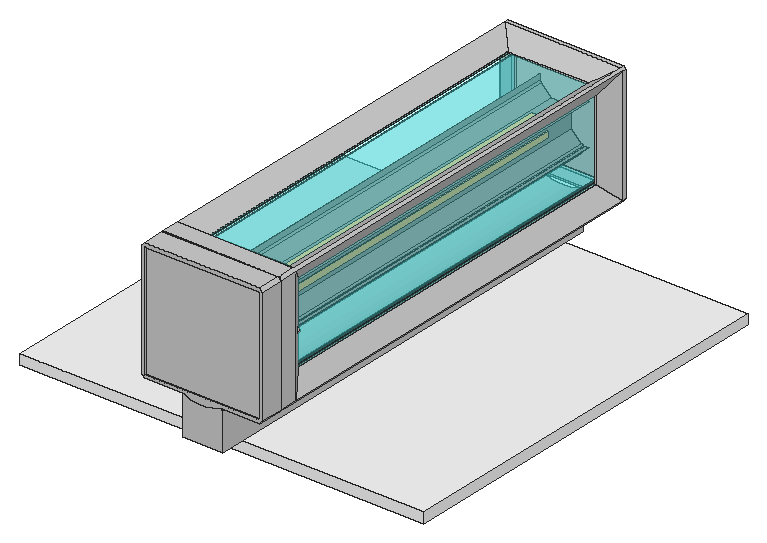
Revit family "BE_24504_de_DE", category Leuchten, Revit 2015
Parameters (values of type "BEGA_24504_Silber_K4")
  built-in parameter 1150104 = 14.251 (stored number, unit not read)
  Wattage = 8.7 W
  Default Elevation = 0 mm
  built-in parameter 1150113 = 1 (stored number, unit not read)
  built-in parameter 1114218 = 1 (stored number, unit not read)
  Umgebungstemperatur = "25 °C"
  URL = "http://www.bega.de/produkt/24504"
  Typenkommentare = "© 2017 BEGA. Wir behalten uns das Recht vor, technische Änderungen ohne vorherige Ankündigung vorzunehmen."  # constant formula
  Type Image = 24504.png
  built-in parameter 1150134 = 12
  built-in parameter 1150109 = 1 (stored number, unit not read)
  Strom = ""
  built-in parameter 1150110 = 1 (stored number, unit not read)
  Spannung = 239.996 V
  Sonderanfertigung = no
  Seriennummer [instance] = "Hier können Sie die eindeutige Seriennummer für das Facility Management eintragen."
  Schutzklasse = "I"
  Schutzart = "IP 65"
  Scheinlast = 0 VA
  Produktdatenblatt = "http://www.bega.de/download/Xrfa/db/24504.db.de.pdf"
  Oberflächentemperatur = ""
  Neigungswinkel = 0.00°
  Modell = "24504AK4"
  Material_17 = BEGA_Reflektor
  Material_15 = BEGA_Leuchtmedium_matt
  Material_12 = BEGA_Kunststoff_klar
  Material_11 = BEGA_Glas_opal
  Material_09 = BEGA_Glas_klar
  Material_06 = BEGA_Oberfläche_Edelstahl_gebürstet
  Material_05 = BEGA_Aluminium Guss
  Material_03 = BEGA_Oberfläche_Weiss_matt
  Material_02 = BEGA_Oberfläche_Silber_matt
  Material_01 [instance] = BEGA_Oberfläche_Grafit_matt
  M_W = no
  M_G = no
  M_A = yes
  Logo = 0
  built-in parameter 1114217 = 1 (stored number, unit not read)
  built-in parameter 1150139 = (empty or 0)
  built-in parameter 1150105 = 106.2 (stored number, unit not read)
  built-in parameter 1150114 = 1 (stored number, unit not read)
  Lumens = 1334.58 lm
  built-in parameter 1150115 = 1 (stored number, unit not read)
  Leuchtenlichtstrom = "841 lm"
  Leuchtenanzahl = ""
  Lebensdauerkriterien = "L70B50 @ 25 °C = 100000 h"
  Lastklassifizierung = Beleuchtung
  built-in parameter 1150112 = 1 (stored number, unit not read)
  Lampenlichtstrom = "1335 lm"
  Lampe = "LED 8.7 W"
  LED_Modulbezeichnung = "3x LED-0613/840"
  built-in parameter 1150142 = (empty or 0)
  Hersteller = "BEGA"  # constant formula
  Halbstreuwinkel = ""
  Gewicht = "3.5 kg"
  Gebrauchslageneinschränkung [instance] = ""
  Frequenz = "0/50-60 Hz"
  Farbwiedergabeindex = "Ra > 80"
  Farbtemperaturverschiebung bei Dämpfen der Lampe = <Keine Auswahl>
  Farbtemperatur = "4000 K"
  Color Filter = 16777215
  built-in parameter 1150133 = 10 (stored number, unit not read)
  Energieeffizienzklasse = "LED A++ - A"
  built-in parameter 1150137 = (empty or 0)
  built-in parameter 1150132 = (empty or 0)
  ENEC = ""
  Dimmbar [instance] = ""
  Datei für fotometrisches Netz = "BE_24504K4.IES"
  CE_Konformität = "ja"
  Bestellnummer = "24504AK4"
  Beschreibung_Sonderanfertigung = "Hier können Sie Informationen zur Sonderanfertigung eintragen."
  Beschreibung = "Wandleuchte"
  built-in parameter 1150106 = 1.062 (stored number, unit not read)
  Befestigungsbohrung = "Ø 6 mm"
  Befestigungsabstand = "260 mm"
  Ballwurfsicher = ""
  BEGA_Intern_aus = yes
  BEGA_Intern_an = yes
  BEGA_Intern_Konstruktion = yes
  BEGA_Intern = yes
  BEGA_IES = yes
  BEGA_Dummy = no
  Anschlussleitung = ""
  Anschlussleistung [instance] = "11.5 W"
  Anschlusskasten = ""
  built-in parameter 1150107 = 4000 (stored number, unit not read)
  built-in parameter 1150102 = (empty or 0)
  built-in parameter 1150138 = (empty or 0)
  Aktualisierung = "2017-06-26T04:08:37"
  Abstand_zur_angestrahlten_Fläche [instance] = ""
  AC/DC = "AC/DC"
Types (4, lengths in mm): name | built-in parameter 1150104 | Wattage | built-in parameter 1150134 | Modell | M_G | M_A | built-in parameter 1150105 | Lumens | Leuchtenlichtstrom | Lampenlichtstrom | LED_Modulbezeichnung | Farbtemperatur | Datei für fotometrisches Netz | Bestellnummer | built-in parameter 1150106 | built-in parameter 1150107
  BEGA_24504_Silber_K4 | 14.251 (stored number, unit not read) | 8.7 W | 12 | "24504AK4" | no | yes | 106.2 (stored number, unit not read) | 1334.58 lm | "841 lm" | "1335 lm" | "3x LED-0613/840" | "4000 K" | "BE_24504K4.IES" | "24504AK4" | 1.062 (stored number, unit not read) | 4000 (stored number, unit not read)
  BEGA_24504_Silber_K3 | 12.979 (stored number, unit not read) | 8 W | (empty or 0) | "24504A" | no | yes | 88.936 (stored number, unit not read) | 1117.6 lm | "766 lm" | "1215 lm" | "3x LED-0613/830" | "3000 K" | "BE_24504.IES" | "24504A" | 0.88936 (stored number, unit not read) | 3000 (stored number, unit not read)
  BEGA_24504_Grafit_K3 | 12.979 (stored number, unit not read) | 8.7 W | (empty or 0) | "24504" | yes | no | 96.718 (stored number, unit not read) | 1215.39 lm | "766 lm" | "1215 lm" | "3x LED-0613/830" | "3000 K" | "BE_24504.IES" | "24504" | 0.96718 (stored number, unit not read) | 3000 (stored number, unit not read)
  BEGA_24504_Grafit_K4 | 14.251 (stored number, unit not read) | 8.7 W | 12 | "24504K4" | yes | no | 106.2 (stored number, unit not read) | 1334.58 lm | "841 lm" | "1335 lm" | "3x LED-0613/840" | "4000 K" | "BE_24504K4.IES" | "24504K4" | 1.062 (stored number, unit not read) | 4000 (stored number, unit not read)
Reference planes
  plane 1 "Mitte (Vorne/Hinten)": y = 0
  plane 2: z = 0
  plane 3 "Mitte (Links/Rechts)": x = 0
  plane 4 "Links": x = -60.188
  plane 5 "Rechts": x = 60.188
  plane 6 "Unten": y = -224.5
  plane 7 "Oben": y = 224.5
  plane 8 "Vorne": z = 159.489
  plane 9 "Hinten": z = 0
Forms (mm)
  Extrusion 1, solid, material "BEGA_Platte_Weiss"
    sketch origin (0, -1119.2, 0) x (1, 0, 0) y (0, 1, 0)
      loop
        line (-200, 1319.2) -> (-200, 919.2) -> (200, 919.2) -> (200, 1319.2) -> (-200, 1319.2)
    from 0 to -10
  Extrusion 2, solid, material "BEGA_Dummy_matt", visible <- "BEGA_Dummy"
    sketch origin (80.095, -76.023, 0) x (1, 0, 0) y (0, 1, 0)
      loop
        line (-140.283, 300.523) -> (-140.283, -148.477) -> (-19.908, -148.477) -> (-19.908, 300.523) -> (-140.283, 300.523)
    from 0 to 159.489
Dimensions and locks
  plane 1 "Mitte (Vorne/Hinten)" to Extrusion 1 = 200 mm
  aligned and locked: plane 2 to Extrusion 1
  aligned and locked: level to Extrusion 1
  aligned and locked: Extrusion 2 to nested 1
Nested families
  nested 1: "BE_24504" at (0, 0, 0) x (0, -1, 0) z (0, 0, 1), type "BE_24504"
Connectors
  electrical at (0, 0, 0), driven by "Lastklassifizierung", driven by "Spannung", driven by "Scheinlast"
    settings: index 1, voltage 239.996 V, apparent load 0 VA, apparent load phase1 0 VA, apparent load phase2 0 VA, apparent load phase3 0 VA, power factor 1, load classification "Beleuchtung", number of poles 1, system type 31, power factor state 1, is connector primary yes, connector utility no, sub classification motor no, connector description ""
Definition of nested family "BE_24504"
  Parameters (values of type "BE_24504")
    Default Elevation = 1 mm
    URL = "http://www.bega.de/de/produkt"
    Type Comments = "© 2015 BEGA. Wir behalten uns das Recht vor, technische Änderungen ohne vorherige Ankündigung vorzunehmen. "  # constant formula
    Type Image = (empty or 0)
    Neigungswinkel_um_Z2 = 0.00°
    Neigungswinkel_um_Z1 = 0.00°
    Neigungswinkel_um_Y2 = 0.00°
    Neigungswinkel_um_Y1 = 0.00°
    Neigungswinkel_um_X2 = 0.00°
    Neigungswinkel_um_X1 = 0.00°
    Material_17 = none
    Material_15 = none
    Material_12 = none
    Material_11 = none
    Material_09 = none
    Material_06 = none
    Material_05 = none
    Material_02 = none
    Material_01 = none
    M_W = yes
    M_G = yes
    M_A = yes
    Länge_Platte = 600 mm  # constant formula
    Höhe_Platte = -10 mm  # constant formula
    Manufacturer = "BEGA"  # constant formula
    Drehwinkel_um_Z2 = 0.00°
    Drehwinkel_um_Z1 = 0.00°
    Breite_Platte = 200 mm  # constant formula
  Reference planes
    plane 1 "Mitte (Oben/Unten)": y = 0
    plane 2: z = 0
    plane 3 "Mitte (Links/Rechts)": x = 0
    plane 4 "Unten": y = -60.188
    plane 5: x = -224.5
    plane 6: x = 224.5
    plane 7: z = 159.489
    plane 8: y = 60.188
  Forms (mm)
    Extrusion 1, solid, detail levels medium
      sketch origin (0, 0, 0) x (1, 0, 0) y (0, 1, 0)
        loop
          line (-300, 100) -> (-300, -100) -> (300, -100) -> (300, 100) -> (-300, 100)
      from 0 to -10 <- "Höhe_Platte"
    Sweep 2, solid, material <- "Material_01", visible <- "M_G", detail levels medium+fine
      path origin (0, 0, 0) x (0, 1, 0) y (0, 0, 1)
        loop
          line (60.156, 159.489) -> (-60.188, 159.489) -> (-60.188, 39.113) -> (60.188, 39.113) -> (60.156, 159.489)
      profile origin (0, -0.016, 159.489) x (0, 0, -1) y (1, 0, 0)
        loop
          line (0.278, -221.046) -> (0.278, -224.5) -> (13.709, -224.5) -> (13.709, -203.302) -> (12.518, -203.302) -> (0.278, -221.046)
    Extrusion 3, solid, material <- "Material_01", visible <- "M_G", detail levels medium+fine
      sketch origin (0, 0, 0) x (1, 0, 0) y (0, 0, 1)
        loop
          line (-224.5, 145.78) -> (-224.5, 52.822) -> (-221.046, 52.822) -> (-221.046, 145.78) -> (-224.5, 145.78)
      from -46.915 to 46.915
    Extrusion 4, solid, material <- "Material_01", visible <- "M_G", detail levels medium+fine
      sketch origin (0, 0, 0) x (0, 1, 0) y (0, 0, 1)
        loop
          line (-18.15, 39.381) -> (-19.981, 37.55) -> (-19.981, 0) -> (-17.481, 0) -> (-17.481, 32) -> (17.568, 32) -> (17.568, 0) -> (20.019, 0) -> (20.019, 37.55) -> (18.176, 39.394)
          arc (18.176, 39.394) -> (0.014, 35.001) -> (-18.15, 39.381) r 39.8
      from -221 to 224
    Extrusion 5, solid, material <- "Material_01", visible <- "M_G", detail levels medium+fine
      sketch origin (0, 0, 0) x (0, 1, 0) y (0, 0, 1)
        loop
          line (20.019, 0) -> (20.019, 37.55) -> (18.176, 39.394)
          arc (18.176, 39.394) -> (0.014, 35.001) -> (-18.15, 39.381) r 39.8
          line (-18.15, 39.381) -> (-19.981, 37.55) -> (-19.981, 0) -> (20.019, 0)
      from 221 to 224
    Extrusion 6, solid, material <- "Material_01", visible <- "M_G", detail levels medium+fine
      sketch origin (-442, 0, 0) x (0, 1, 0) y (0, 0, 1)
        loop
          line (20.019, 0) -> (20.019, 37.55) -> (18.176, 39.394)
          arc (18.176, 39.394) -> (0.014, 35.001) -> (-18.15, 39.381) r 39.8
          line (-18.15, 39.381) -> (-19.981, 37.55) -> (-19.981, 0) -> (20.019, 0)
      from 221 to 224
    Extrusion 7, solid, material <- "Material_01", visible <- "M_G", detail levels medium+fine
      sketch origin (221, 0, 0) x (0, -1, 0) y (0, 0, -1)
        loop
          line (-18.15, -39.381) -> (18.15, -39.381)
          arc (18.15, -39.381) -> (0, -35.001) -> (-18.15, -39.381) r 39.8
      from 0 to 3.5
    Sweep 8, solid, material <- "Material_01", visible <- "M_G", detail levels medium+fine
      path origin (0, 0, 0) x (0, 1, 0) y (0, 0, 1)
        loop
          line (59.878, 159.211) -> (-59.91, 159.211) -> (-59.91, 39.392) -> (59.91, 39.392) -> (59.878, 159.211)
      profile origin (0, -0.016, 159.211) x (0, 0, -1) y (1, 0, 0)
        loop
          line (-0.278, 224.5) -> (-0.278, 203) -> (2.41, 203) -> (2.41, 201.5) -> (-0.248, 201.5) -> (-0.248, 183.724) -> (12.24, 165.887) -> (13.24, 165.887) -> (13.24, 183.724) -> (3.124, 183.724) -> (3.124, 224.5) -> (-0.278, 224.5)
    Extrusion 9, solid, material <- "Material_01", visible <- "M_G", detail levels medium+fine
      sketch origin (0, 0, 0) x (1, 0, 0) y (0, 0, 1)
        loop
          line (220.5, 156.801) -> (220.5, 41.801) -> (223.5, 41.801) -> (223.5, 156.801) -> (220.5, 156.801)
      from -57.485 to 58.687
    Extrusion 10, solid, material <- "Material_01", visible <- "M_G", detail levels medium+fine
      sketch origin (0, 0, 0) x (0, 1, 0) y (0, 0, 1)
        loop
          line (57.37, 159.211) -> (39.845, 146.971) -> (39.845, 146.187) -> (46.86, 146.187) -> (46.86, 139.174) -> (47.644, 139.174) -> (59.879, 156.702) -> (59.879, 159.211) -> (57.37, 159.211)
        loop
          line (-57.37, 159.211) -> (-59.879, 159.211) -> (-59.879, 156.702) -> (-47.644, 139.174) -> (-46.86, 139.174) -> (-46.86, 146.187) -> (-39.845, 146.187) -> (-39.845, 146.971) -> (-57.37, 159.211)
        loop
          line (57.37, 39.392) -> (59.879, 39.392) -> (59.879, 41.9) -> (47.644, 59.428) -> (46.86, 59.428) -> (46.86, 52.415) -> (39.845, 52.415) -> (39.845, 51.631) -> (57.37, 39.392)
        loop
          line (-57.37, 39.392) -> (-39.845, 51.631) -> (-39.845, 52.415) -> (-46.86, 52.415) -> (-46.86, 59.428) -> (-47.644, 59.428) -> (-59.879, 41.9) -> (-59.879, 39.392) -> (-57.37, 39.392)
      from -224.5 to 198.19
    Extrusion 11, void
      sketch origin (0, 0, 0) x (0, 1, 0) y (0, 0, 1)
        loop
          line (60.529, 156.046) -> (60.529, 159.752) -> (56.823, 159.752) -> (60.529, 156.046)
        loop
          line (-60.529, 156.046) -> (-56.823, 159.752) -> (-60.529, 159.752) -> (-60.529, 156.046)
        loop
          line (60.529, 42.556) -> (56.823, 38.85) -> (60.529, 38.85) -> (60.529, 42.556)
        loop
          line (-60.529, 42.556) -> (-60.529, 38.85) -> (-56.823, 38.85) -> (-60.529, 42.556)
      from -230.772 to 230.042
    Extrusion 12, solid, material <- "Material_01", visible <- "M_G", detail levels medium+fine
      sketch origin (0, 0, 0) x (1, 0, 0) y (0, 1, 0)
        loop
          line (-140.8, 17.568) -> (-140.8, -17.481) -> (-106.8, -17.481) -> (-106.8, 17.568) -> (-140.8, 17.568)
        loop
          arc (-122.41, -3) -> (-112.3, 0) -> (-122.41, 3) r 5.5
          line (-122.41, 3) -> (-131.8, 3)
          arc (-131.8, 3) -> (-134.8, 0) -> (-131.8, -3) r 3
          line (-131.8, -3) -> (-122.41, -3)
        loop
          line (140.8, 17.568) -> (106.8, 17.568) -> (106.8, -17.481) -> (140.8, -17.481) -> (140.8, 17.568)
        loop
          arc (124.69, -3) -> (134.8, 0) -> (124.69, 3) r 5.5
          line (124.69, 3) -> (115.3, 3)
          arc (115.3, 3) -> (112.3, 0) -> (115.3, -3) r 3
          line (115.3, -3) -> (124.69, -3)
      from 0.19 to 3
    Revolve 13, void
      sketch origin (0, 0, 0) x (1, 0, 0) y (0, 0, 1)
        loop
          line (196.5, 49.352) -> (196.5, 28.319) -> (201.5, 28.319) -> (201.5, 49.352) -> (196.5, 49.352)
        axis (201.5, 49.352) -> (201.5, 28.319)
      angle from 0 to 360
    Extrusion 14, solid, material <- "Material_12", detail levels medium+fine
      sketch origin (0, 0, 0) x (0, 1, 0) y (0, 0, 1)
        loop
          line (40, 144.301) -> (-40, 144.301)
          arc (-40, 144.301) -> (-43.536, 142.837) -> (-45, 139.301) r 5
          line (-45, 139.301) -> (-45, 59.301)
          arc (-45, 59.301) -> (-43.536, 55.765) -> (-40, 54.301) r 5
          line (-40, 54.301) -> (40, 54.301)
          arc (40, 54.301) -> (43.536, 55.765) -> (45, 59.301) r 5
          line (45, 59.301) -> (45, 139.301)
          arc (45, 139.301) -> (43.536, 142.837) -> (40, 144.301) r 5
        loop
          line (40, 141.301) -> (-40, 141.301)
          arc (-40, 141.301) -> (-41.414, 140.715) -> (-42, 139.301) r 2
          line (-42, 139.301) -> (-42, 59.301)
          arc (-42, 59.301) -> (-41.414, 57.887) -> (-40, 57.301) r 2
          line (-40, 57.301) -> (40, 57.301)
          arc (40, 57.301) -> (41.414, 57.887) -> (42, 59.301) r 2
          line (42, 59.301) -> (42, 139.301)
          arc (42, 139.301) -> (41.414, 140.715) -> (40, 141.301) r 2
      from -215.013 to 184.666
    Extrusion 15, solid, material <- "Material_15", detail levels medium+fine
      sketch origin (0, 0, 0) x (1, 0, 0) y (0, 0, 1)
        loop
          line (-186.365, 111.851) -> (139.623, 111.851) -> (139.623, 112.826) -> (-186.365, 112.826) -> (-186.365, 111.851)
      from 2.75 to -2.75
    Extrusion 16, solid, material <- "Material_15", detail levels medium+fine
      sketch origin (0, -99.301, 99.301) x (1, 0, 0) y (0, 1, 0)
        loop
          line (-186.365, 111.851) -> (139.623, 111.851) -> (139.623, 112.826) -> (-186.365, 112.826) -> (-186.365, 111.851)
      from 2.75 to -2.75
    Extrusion 17, solid, material <- "Material_15", detail levels medium+fine
      sketch origin (0, 99.301, 99.301) x (1, 0, 0) y (0, 1, 0)
        loop
          line (-186.365, -111.851) -> (-186.365, -112.826) -> (139.623, -112.826) -> (139.623, -111.851) -> (-186.365, -111.851)
      from 2.75 to -2.75
    Extrusion 18, solid, material <- "Material_05", detail levels medium+fine
      sketch origin (0, 0, 0) x (0, 1, 0) y (0, 0, 1)
        loop
          line (9.5, 110.301) -> (-9.5, 110.301) -> (-19.228, 120.029)
          arc (-19.228, 120.029) -> (-19.878, 121.002) -> (-20.107, 122.15) r 3
          line (-20.107, 122.15) -> (-20.107, 127.79)
          arc (-20.107, 127.79) -> (-21.129, 126.703) -> (-21.5, 125.257) r 3
          line (-21.5, 125.257) -> (-21.5, 123.801)
          arc (-21.5, 123.801) -> (-22.379, 121.68) -> (-24.5, 120.801) r 3
          line (-24.5, 120.801) -> (-25.956, 120.801)
          arc (-25.956, 120.801) -> (-27.402, 120.43) -> (-28.489, 119.408) r 3
          line (-28.489, 119.408) -> (-22.849, 119.408)
          arc (-22.849, 119.408) -> (-21.696, 119.177) -> (-20.721, 118.522) r 3
          line (-20.721, 118.522) -> (-11, 108.801) -> (-11, 89.801) -> (-20.721, 80.08)
          arc (-20.721, 80.08) -> (-21.696, 79.425) -> (-22.849, 79.194) r 3
          line (-22.849, 79.194) -> (-28.489, 79.194)
          arc (-28.489, 79.194) -> (-27.402, 78.172) -> (-25.956, 77.801) r 3
          line (-25.956, 77.801) -> (-24.5, 77.801)
          arc (-24.5, 77.801) -> (-22.379, 76.922) -> (-21.5, 74.801) r 3
          line (-21.5, 74.801) -> (-21.5, 73.345)
          arc (-21.5, 73.345) -> (-21.129, 71.899) -> (-20.107, 70.812) r 3
          line (-20.107, 70.812) -> (-20.107, 76.452)
          arc (-20.107, 76.452) -> (-19.878, 77.6) -> (-19.228, 78.573) r 3
          line (-19.228, 78.573) -> (-9.5, 88.301) -> (9.5, 88.301) -> (19.228, 78.573)
          arc (19.228, 78.573) -> (19.878, 77.6) -> (20.107, 76.452) r 3
          line (20.107, 76.452) -> (20.107, 70.812)
          arc (20.107, 70.812) -> (21.129, 71.899) -> (21.5, 73.345) r 3
          line (21.5, 73.345) -> (21.5, 74.801)
          arc (21.5, 74.801) -> (22.379, 76.922) -> (24.5, 77.801) r 3
          line (24.5, 77.801) -> (25.956, 77.801)
          arc (25.956, 77.801) -> (27.402, 78.172) -> (28.489, 79.194) r 3
          line (28.489, 79.194) -> (22.849, 79.194)
          arc (22.849, 79.194) -> (21.696, 79.425) -> (20.721, 80.08) r 3
          line (20.721, 80.08) -> (11, 89.801) -> (11, 108.801) -> (20.721, 118.522)
          arc (20.721, 118.522) -> (21.696, 119.177) -> (22.849, 119.408) r 3
          line (22.849, 119.408) -> (28.489, 119.408)
          arc (28.489, 119.408) -> (27.402, 120.43) -> (25.956, 120.801) r 3
          line (25.956, 120.801) -> (24.5, 120.801)
          arc (24.5, 120.801) -> (22.379, 121.68) -> (21.5, 123.801) r 3
          line (21.5, 123.801) -> (21.5, 125.257)
          arc (21.5, 125.257) -> (21.129, 126.703) -> (20.107, 127.79) r 3
          line (20.107, 127.79) -> (20.107, 122.15)
          arc (20.107, 122.15) -> (19.878, 121.002) -> (19.228, 120.029) r 3
          line (19.228, 120.029) -> (9.5, 110.301)
      from -218 to 185.411
    Extrusion 19, void
      sketch origin (0, 0, 0) x (0, 1, 0) y (0, 0, 1)
        loop
          line (53, 95.42) -> (56.64, 95.42) -> (56.64, 103.182) -> (53, 103.182)
          arc (53, 103.182) -> (48.915, 99.301) -> (53, 95.42) r 3.886
        loop
          arc (-53, 95.42) -> (-48.915, 99.301) -> (-53, 103.182) r 3.886
          line (-53, 103.182) -> (-56.64, 103.182) -> (-56.64, 95.42) -> (-53, 95.42)
      from 165.887 to 179.105
    Extrusion 20, solid, material <- "Material_06", detail levels fine
      sketch origin (0, 0, 0) x (0, 1, 0) y (0, 0, 1)
        loop
          circle (-53, 99.301) r 3.5
        loop
          circle (53, 99.301) r 3.5
      from 174.925 to 179.105
    Revolve 21, void
      sketch origin (0, 49.974, 0) x (1, 0, 0) y (0, 0, 1)
        loop
          line (-223.9, 52.001) -> (-224.91, 53.011) -> (-224.91, 49.301) -> (-222.323, 49.301) -> (-222.323, 52.001) -> (-223.9, 52.001)
        axis (-224.91, 49.301) -> (-222.323, 49.301)
      angle from 0 to 360
    Revolve 22, void
      sketch origin (0, -49.974, 0) x (1, 0, 0) y (0, 0, -1)
        loop
          line (-223.9, -52.001) -> (-222.323, -52.001) -> (-222.323, -49.301) -> (-224.91, -49.301) -> (-224.91, -53.011) -> (-223.9, -52.001)
        axis (-224.91, -49.301) -> (-222.323, -49.301)
      angle from 0 to 360
    Revolve 23, void
      sketch origin (0, 49.974, 198.602) x (1, 0, 0) y (0, 0, 1)
        loop
          line (-223.9, -52.001) -> (-222.323, -52.001) -> (-222.323, -49.301) -> (-224.91, -49.301) -> (-224.91, -53.011) -> (-223.9, -52.001)
        axis (-224.91, -49.301) -> (-222.323, -49.301)
      angle from 0 to 360
    Revolve 24, void
      sketch origin (0, -49.974, 198.602) x (1, 0, 0) y (0, 0, -1)
        loop
          line (-223.9, 52.001) -> (-224.91, 53.011) -> (-224.91, 49.301) -> (-222.323, 49.301) -> (-222.323, 52.001) -> (-223.9, 52.001)
        axis (-224.91, 49.301) -> (-222.323, 49.301)
      angle from 0 to 360
    Revolve 25, solid, material <- "Material_06", detail levels fine
      sketch origin (0, 49.974, 0) x (1, 0, 0) y (0, 0, 1)
        loop
          line (-224.5, 52.401) -> (-224.5, 49.301) -> (-223.647, 49.301) -> (-223.647, 51.547) -> (-224.5, 52.401)
        axis (-224.5, 49.301) -> (-223.5, 49.301)
      angle from 0 to 360
    Revolve 26, solid, material <- "Material_06", detail levels fine
      sketch origin (0, -49.974, 0) x (1, 0, 0) y (0, 0, -1)
        loop
          line (-224.5, -52.401) -> (-223.647, -51.547) -> (-223.647, -49.301) -> (-224.5, -49.301) -> (-224.5, -52.401)
        axis (-224.5, -49.301) -> (-223.5, -49.301)
      angle from 0 to 360
    Revolve 27, solid, material <- "Material_06", detail levels fine
      sketch origin (0, 49.974, 198.602) x (1, 0, 0) y (0, 0, 1)
        loop
          line (-224.5, -52.401) -> (-223.647, -51.547) -> (-223.647, -49.301) -> (-224.5, -49.301) -> (-224.5, -52.401)
        axis (-224.5, -49.301) -> (-223.5, -49.301)
      angle from 0 to 360
    Revolve 28, solid, material <- "Material_06", detail levels fine
      sketch origin (0, -49.974, 198.602) x (1, 0, 0) y (0, 0, -1)
        loop
          line (-224.5, 52.401) -> (-224.5, 49.301) -> (-223.647, 49.301) -> (-223.647, 51.547) -> (-224.5, 52.401)
        axis (-224.5, 49.301) -> (-223.5, 49.301)
      angle from 0 to 360
    Extrusion 29, solid, material <- "Material_02", visible <- "M_A", detail levels medium+fine
      sketch origin (0, 0, 0) x (0, 1, 0) y (0, 0, 1)
        loop
          line (-18.15, 39.381) -> (-19.981, 37.55) -> (-19.981, 0) -> (-17.481, 0) -> (-17.481, 32) -> (17.568, 32) -> (17.568, 0) -> (20.019, 0) -> (20.019, 37.55) -> (18.176, 39.394)
          arc (18.176, 39.394) -> (0.014, 35.001) -> (-18.15, 39.381) r 39.8
      from -221 to 224
    Extrusion 30, solid, material <- "Material_02", visible <- "M_A", detail levels medium+fine
      sketch origin (0, 0, 0) x (0, 1, 0) y (0, 0, 1)
        loop
          line (20.019, 0) -> (20.019, 37.55) -> (18.176, 39.394)
          arc (18.176, 39.394) -> (0.014, 35.001) -> (-18.15, 39.381) r 39.8
          line (-18.15, 39.381) -> (-19.981, 37.55) -> (-19.981, 0) -> (20.019, 0)
      from 221 to 224
    Extrusion 31, solid, material <- "Material_02", visible <- "M_A", detail levels medium+fine
      sketch origin (-442, 0, 0) x (0, 1, 0) y (0, 0, 1)
        loop
          line (20.019, 0) -> (20.019, 37.55) -> (18.176, 39.394)
          arc (18.176, 39.394) -> (0.014, 35.001) -> (-18.15, 39.381) r 39.8
          line (-18.15, 39.381) -> (-19.981, 37.55) -> (-19.981, 0) -> (20.019, 0)
      from 221 to 224
    Extrusion 32, solid, material <- "Material_02", visible <- "M_A", detail levels medium+fine
      sketch origin (0, 0, 0) x (1, 0, 0) y (0, 1, 0)
        loop
          line (-140.8, 17.568) -> (-140.8, -17.481) -> (-106.8, -17.481) -> (-106.8, 17.568) -> (-140.8, 17.568)
        loop
          arc (-122.41, -3) -> (-112.3, 0) -> (-122.41, 3) r 5.5
          line (-122.41, 3) -> (-131.8, 3)
          arc (-131.8, 3) -> (-134.8, 0) -> (-131.8, -3) r 3
          line (-131.8, -3) -> (-122.41, -3)
        loop
          line (140.8, 17.568) -> (106.8, 17.568) -> (106.8, -17.481) -> (140.8, -17.481) -> (140.8, 17.568)
        loop
          arc (124.69, -3) -> (134.8, 0) -> (124.69, 3) r 5.5
          line (124.69, 3) -> (115.3, 3)
          arc (115.3, 3) -> (112.3, 0) -> (115.3, -3) r 3
          line (115.3, -3) -> (124.69, -3)
      from 0.19 to 3
    Sweep 33, solid, material <- "Material_02", visible <- "M_A", detail levels medium+fine
      path origin (0, 0, 0) x (0, 1, 0) y (0, 0, 1)
        loop
          line (60.156, 159.489) -> (-60.188, 159.489) -> (-60.188, 39.113) -> (60.188, 39.113) -> (60.156, 159.489)
      profile origin (0, -0.016, 159.489) x (0, 0, -1) y (1, 0, 0)
        loop
          line (0.278, -221.046) -> (0.278, -224.5) -> (13.709, -224.5) -> (13.709, -203.302) -> (12.518, -203.302) -> (0.278, -221.046)
    Sweep 34, solid, material <- "Material_02", visible <- "M_A", detail levels medium+fine
      path origin (0, 0, 0) x (0, 1, 0) y (0, 0, 1)
        loop
          line (59.878, 159.211) -> (-59.91, 159.211) -> (-59.91, 39.392) -> (59.91, 39.392) -> (59.878, 159.211)
      profile origin (0, -0.016, 159.211) x (0, 0, -1) y (1, 0, 0)
        loop
          line (-0.278, 224.5) -> (-0.278, 203) -> (2.41, 203) -> (2.41, 201.5) -> (-0.248, 201.5) -> (-0.248, 183.724) -> (12.24, 165.887) -> (13.24, 165.887) -> (13.24, 183.724) -> (3.124, 183.724) -> (3.124, 224.5) -> (-0.278, 224.5)
    Extrusion 35, solid, material <- "Material_02", visible <- "M_A", detail levels medium+fine
      sketch origin (0, 0, 0) x (1, 0, 0) y (0, 0, 1)
        loop
          line (220.5, 156.801) -> (220.5, 41.801) -> (223.5, 41.801) -> (223.5, 156.801) -> (220.5, 156.801)
      from -57.485 to 58.687
    Extrusion 36, solid, material <- "Material_02", visible <- "M_A", detail levels medium+fine
      sketch origin (0, 0, 0) x (0, 1, 0) y (0, 0, 1)
        loop
          line (57.37, 159.211) -> (39.845, 146.971) -> (39.845, 146.187) -> (46.86, 146.187) -> (46.86, 139.174) -> (47.644, 139.174) -> (59.879, 156.702) -> (59.879, 159.211) -> (57.37, 159.211)
        loop
          line (-57.37, 159.211) -> (-59.879, 159.211) -> (-59.879, 156.702) -> (-47.644, 139.174) -> (-46.86, 139.174) -> (-46.86, 146.187) -> (-39.845, 146.187) -> (-39.845, 146.971) -> (-57.37, 159.211)
        loop
          line (57.37, 39.392) -> (59.879, 39.392) -> (59.879, 41.9) -> (47.644, 59.428) -> (46.86, 59.428) -> (46.86, 52.415) -> (39.845, 52.415) -> (39.845, 51.631) -> (57.37, 39.392)
        loop
          line (-57.37, 39.392) -> (-39.845, 51.631) -> (-39.845, 52.415) -> (-46.86, 52.415) -> (-46.86, 59.428) -> (-47.644, 59.428) -> (-59.879, 41.9) -> (-59.879, 39.392) -> (-57.37, 39.392)
      from -224.5 to 198.19
    Extrusion 37, solid, material <- "Material_02", visible <- "M_A", detail levels medium+fine
      sketch origin (0, 0, 0) x (1, 0, 0) y (0, 0, 1)
        loop
          line (-224.5, 145.78) -> (-224.5, 52.822) -> (-221.046, 52.822) -> (-221.046, 145.78) -> (-224.5, 145.78)
      from -46.915 to 46.915
    Extrusion 38, solid, material <- "Material_02", visible <- "M_A", detail levels medium+fine
      sketch origin (221, 0, 0) x (0, -1, 0) y (0, 0, -1)
        loop
          line (-18.15, -39.381) -> (18.15, -39.381)
          arc (18.15, -39.381) -> (0, -35.001) -> (-18.15, -39.381) r 39.8
      from 0 to 3.5
  Cuts and joins
    Revolve 13 cuts Extrusion 4
    Revolve 13 cuts Extrusion 5
    Revolve 13 cuts Extrusion 6
    Revolve 13 cuts Extrusion 12
    joined: Extrusion 4, Extrusion 5, Extrusion 6, Extrusion 12
    Extrusion 11, Revolve 21, Revolve 22, Revolve 23, Revolve 24 cuts Sweep 2
    Extrusion 11, Revolve 21, Revolve 22, Revolve 23, Revolve 24 cuts Extrusion 3
    Revolve 21, Revolve 22, Revolve 23, Revolve 24 cuts Extrusion 7
    Extrusion 11, Extrusion 19, Revolve 21, Revolve 22, Revolve 23, Revolve 24 cuts Sweep 8
    Extrusion 11, Revolve 21, Revolve 22, Revolve 23, Revolve 24 cuts Extrusion 9
    Extrusion 11, Revolve 21, Revolve 22, Revolve 23, Revolve 24 cuts Extrusion 10
    joined: Sweep 2, Extrusion 3, Extrusion 7, Sweep 8, Extrusion 9, Extrusion 10
    Revolve 13 cuts Extrusion 29
    joined: Extrusion 29, Extrusion 30, Extrusion 31, Extrusion 32
    Extrusion 11, Revolve 21, Revolve 22, Revolve 23, Revolve 24 cuts Sweep 33
    Extrusion 11, Extrusion 19, Revolve 21, Revolve 22, Revolve 23, Revolve 24 cuts Sweep 34
    Extrusion 11, Revolve 21, Revolve 22, Revolve 23, Revolve 24 cuts Extrusion 35
    Extrusion 11, Revolve 21, Revolve 22, Revolve 23, Revolve 24 cuts Extrusion 36
    joined: Sweep 33, Sweep 34, Extrusion 35, Extrusion 36, Extrusion 37, Extrusion 38
  Lines and regions (mm)
    model lines
      curve 1: line (0, 46.86, 52.415) -> (0, 58.624, 40.651)
  Dimensions and locks
    equal spacing: Extrusion 1 sketch curve, plane 3 "Mitte (Links/Rechts)", Extrusion 1 sketch curve
    equal spacing: Extrusion 1 sketch curve, plane 1 "Mitte (Oben/Unten)", Extrusion 1 sketch curve
    "Länge_Platte": Extrusion 1 sketch curve to Extrusion 1 sketch curve
    "Breite_Platte": Extrusion 1 sketch curve to Extrusion 1 sketch curve
    aligned and locked: Extrusion 1 to plane 2
    aligned and locked: level to Extrusion 1
  Automatic sketch dimensions
    curve 1 to plane 1 "Mitte (Oben/Unten)" = 46.86 mm
    level to curve 1 = 40.651 mm
    curve 1 to curve 1 = 11.764 mm  (x2)
    plane 1 "Mitte (Oben/Unten)" to Sweep 2 sketch curve = 60.188 mm
    Sweep 2 sketch curve to plane 1 "Mitte (Oben/Unten)" = 60.156 mm
    Sweep 2 sketch curve to plane 1 "Mitte (Oben/Unten)" = 60.188 mm
    level to Sweep 2 sketch curve = 39.113 mm
    Sweep 2 sketch curve to profile plane = 0.278 mm
    Sweep 2 sketch curve to profile plane = 12.518 mm
    Sweep 2 sketch curve to Sweep 2 sketch curve = 1.191 mm
    Sweep 2 sketch curve to plane 3 "Mitte (Links/Rechts)" = 224.5 mm
    Sweep 2 sketch curve to Sweep 2 sketch curve = 3.454 mm
    Sweep 2 sketch curve to Sweep 2 sketch curve = 21.198 mm
    Extrusion 3 sketch curve to Extrusion 3 sketch curve = 3.454 mm
    level to Extrusion 3 sketch curve = 52.822 mm
    Extrusion 4 sketch curve to level = 0 mm  (x2)
    Extrusion 4 sketch curve to plane 1 "Mitte (Oben/Unten)" = 0 mm
    plane 1 "Mitte (Oben/Unten)" to Extrusion 4 sketch curve = 17.481 mm
    Extrusion 4 sketch curve to Extrusion 4 sketch curve = 0.669 mm
    Extrusion 4 sketch curve to Extrusion 4 sketch curve = 1.831 mm  (x2)
    Extrusion 4 sketch curve to plane 1 "Mitte (Oben/Unten)" = 17.568 mm
    Extrusion 4 sketch curve to Extrusion 4 sketch curve = 0.608 mm
    Extrusion 4 sketch curve to Extrusion 4 sketch curve = 1.843 mm
    level to Extrusion 4 sketch curve = 32 mm
    Extrusion 4 sketch curve to Extrusion 4 sketch curve = 5.55 mm  (x2)
    Extrusion 4 sketch curve to Extrusion 4 sketch curve = 1.844 mm
    Extrusion 5 sketch curve to level = 0 mm
    Extrusion 5 sketch curve to plane 1 "Mitte (Oben/Unten)" = 0 mm
    plane 1 "Mitte (Oben/Unten)" to Extrusion 5 sketch curve = 18.15 mm
    plane 1 "Mitte (Oben/Unten)" to Extrusion 5 sketch curve = 19.981 mm
    Extrusion 5 sketch curve to plane 1 "Mitte (Oben/Unten)" = 18.176 mm
    Extrusion 5 sketch curve to Extrusion 5 sketch curve = 1.843 mm
    level to Extrusion 5 sketch curve = 37.55 mm  (x2)
    Extrusion 5 sketch curve to Extrusion 5 sketch curve = 1.831 mm
    Extrusion 5 sketch curve to Extrusion 5 sketch curve = 1.844 mm
    Extrusion 6 sketch curve to level = 0 mm
    Extrusion 6 sketch curve to plane 1 "Mitte (Oben/Unten)" = 0 mm
    plane 1 "Mitte (Oben/Unten)" to Extrusion 6 sketch curve = 18.15 mm
    plane 1 "Mitte (Oben/Unten)" to Extrusion 6 sketch curve = 19.981 mm
    Extrusion 6 sketch curve to plane 1 "Mitte (Oben/Unten)" = 18.176 mm
    Extrusion 6 sketch curve to Extrusion 6 sketch curve = 1.843 mm
    level to Extrusion 6 sketch curve = 37.55 mm  (x2)
    Extrusion 6 sketch curve to Extrusion 6 sketch curve = 1.831 mm
    Extrusion 6 sketch curve to Extrusion 6 sketch curve = 1.844 mm
    Extrusion 7 sketch curve to plane 1 "Mitte (Oben/Unten)" = 0 mm
    Extrusion 7 sketch curve to plane 1 "Mitte (Oben/Unten)" = 18.15 mm
    level to Extrusion 7 sketch curve = 74.801 mm
    level to Extrusion 7 sketch curve = 39.381 mm
    plane 1 "Mitte (Oben/Unten)" to Sweep 8 sketch curve = 59.91 mm
    Sweep 8 sketch curve to plane 1 "Mitte (Oben/Unten)" = 59.878 mm
    Sweep 8 sketch curve to plane 1 "Mitte (Oben/Unten)" = 59.91 mm
    level to Sweep 8 sketch curve = 39.392 mm
    profile plane to Sweep 8 sketch curve = 0.278 mm
    profile plane to Sweep 8 sketch curve = 0.248 mm
    Sweep 8 sketch curve to profile plane = 2.41 mm
    Sweep 8 sketch curve to profile plane = 3.124 mm
    Sweep 8 sketch curve to profile plane = 12.24 mm
    Sweep 8 sketch curve to Sweep 8 sketch curve = 10.116 mm
    plane 3 "Mitte (Links/Rechts)" to Sweep 8 sketch curve = 165.887 mm
    Sweep 8 sketch curve to Sweep 8 sketch curve = 17.837 mm
    Sweep 8 sketch curve to Sweep 8 sketch curve = 0 mm
    Sweep 8 sketch curve to Sweep 8 sketch curve = 17.776 mm
    Sweep 8 sketch curve to Sweep 8 sketch curve = 1.5 mm
    Sweep 8 sketch curve to Sweep 8 sketch curve = 21.5 mm
    Extrusion 9 sketch curve to Extrusion 9 sketch curve = 3 mm
    level to Extrusion 9 sketch curve = 41.801 mm
    plane 1 "Mitte (Oben/Unten)" to Extrusion 10 sketch curve = 59.879 mm  (x2)
    Extrusion 10 sketch curve to Extrusion 10 sketch curve = 2.508 mm  (x4)
    Extrusion 10 sketch curve to Extrusion 10 sketch curve = 12.234 mm  (x2)
    Extrusion 10 sketch curve to Extrusion 10 sketch curve = 0.784 mm  (x8)
    Extrusion 10 sketch curve to Extrusion 10 sketch curve = 7.015 mm  (x4)
    Extrusion 10 sketch curve to plane 1 "Mitte (Oben/Unten)" = 39.845 mm  (x2)
    Extrusion 10 sketch curve to Extrusion 10 sketch curve = 10.51 mm  (x2)
    level to Extrusion 10 sketch curve = 39.392 mm  (x2)
    Extrusion 10 sketch curve to Extrusion 10 sketch curve = 2.509 mm  (x4)
    Extrusion 10 sketch curve to Extrusion 10 sketch curve = 12.24 mm  (x2)
    Extrusion 10 sketch curve to Extrusion 10 sketch curve = 7.013 mm  (x4)
    Extrusion 10 sketch curve to Extrusion 10 sketch curve = 10.515 mm  (x2)
    plane 1 "Mitte (Oben/Unten)" to Extrusion 11 sketch curve = 60.529 mm  (x2)
    Extrusion 11 sketch curve to Extrusion 11 sketch curve = 3.706 mm  (x8)
    Extrusion 11 sketch curve to plane 1 "Mitte (Oben/Unten)" = 56.823 mm  (x2)
    level to Extrusion 11 sketch curve = 38.85 mm  (x2)
    plane 1 "Mitte (Oben/Unten)" to Extrusion 12 sketch curve = 0 mm  (x4)
    Extrusion 12 sketch curve to plane 1 "Mitte (Oben/Unten)" = 17.568 mm  (x2)
    plane 1 "Mitte (Oben/Unten)" to Extrusion 12 sketch curve = 3 mm  (x2)
    Extrusion 12 sketch curve to Extrusion 12 sketch curve = 9 mm
    Extrusion 12 sketch curve to Extrusion 12 sketch curve = 9.39 mm  (x2)
    Extrusion 12 sketch curve to Extrusion 12 sketch curve = 4.61 mm  (x2)
    Extrusion 12 sketch curve to Extrusion 12 sketch curve = 11 mm
    Extrusion 12 sketch curve to Extrusion 12 sketch curve = 8.5 mm
    Extrusion 12 sketch curve to Extrusion 12 sketch curve = 11.5 mm
    Extrusion 12 sketch curve to Extrusion 12 sketch curve = 14.481 mm  (x2)
    Extrusion 12 sketch curve to Extrusion 12 sketch curve = 0 mm
    level to Revolve 13 sketch curve = 28.319 mm
    Revolve 13 sketch curve to Revolve 13 sketch curve = 21.033 mm
    Revolve 13 sketch curve to Revolve 13 sketch curve = 0 mm  (x2)
    Revolve 13 sketch curve to Revolve 13 sketch curve = 8.375 mm
    Extrusion 14 sketch curve to Extrusion 14 sketch curve = 0 mm  (x9)
    plane 1 "Mitte (Oben/Unten)" to Extrusion 14 sketch curve = 45 mm
    Extrusion 14 sketch curve to Extrusion 14 sketch curve = 3 mm
    Extrusion 14 sketch curve to Extrusion 14 sketch curve = 2 mm  (x3)
    Extrusion 14 sketch curve to plane 1 "Mitte (Oben/Unten)" = 40 mm  (x2)
    level to Extrusion 14 sketch curve = 54.301 mm
    Extrusion 15 sketch curve to Extrusion 15 sketch curve = 0.975 mm
    Extrusion 16 sketch curve to plane 1 "Mitte (Oben/Unten)" = 13.525 mm
    Extrusion 16 sketch curve to Extrusion 16 sketch curve = 0.975 mm
    plane 1 "Mitte (Oben/Unten)" to Extrusion 17 sketch curve = 13.525 mm
    Extrusion 17 sketch curve to Extrusion 17 sketch curve = 0.975 mm
    plane 1 "Mitte (Oben/Unten)" to Extrusion 18 sketch curve = 28.489 mm  (x2)
    Extrusion 18 sketch curve to Extrusion 18 sketch curve = 2.534 mm  (x5)
    Extrusion 18 sketch curve to Extrusion 18 sketch curve = 1.456 mm  (x8)
    Extrusion 18 sketch curve to Extrusion 18 sketch curve = 3.107 mm  (x2)
    Extrusion 18 sketch curve to Extrusion 18 sketch curve = 1.651 mm  (x5)
    Extrusion 18 sketch curve to Extrusion 18 sketch curve = 3 mm  (x8)
    Extrusion 18 sketch curve to Extrusion 18 sketch curve = 2.129 mm  (x4)
    Extrusion 18 sketch curve to Extrusion 18 sketch curve = 1.393 mm  (x10)
    Extrusion 18 sketch curve to Extrusion 18 sketch curve = 1.607 mm
    plane 1 "Mitte (Oben/Unten)" to Extrusion 18 sketch curve = 11 mm
    Extrusion 18 sketch curve to Extrusion 18 sketch curve = 1.5 mm  (x6)
    Extrusion 18 sketch curve to plane 1 "Mitte (Oben/Unten)" = 9.5 mm  (x2)
    Extrusion 18 sketch curve to Extrusion 18 sketch curve = 7.607 mm  (x4)
    Extrusion 18 sketch curve to Extrusion 18 sketch curve = 0.614 mm  (x2)
    level to Extrusion 18 sketch curve = 70.812 mm
    Extrusion 18 sketch curve to Extrusion 18 sketch curve = 0.886 mm  (x2)
    Extrusion 18 sketch curve to Extrusion 18 sketch curve = 8.221 mm
    Extrusion 18 sketch curve to Extrusion 18 sketch curve = 19 mm  (x2)
    Extrusion 18 sketch curve to Extrusion 18 sketch curve = 2.114 mm  (x2)
    Extrusion 18 sketch curve to Extrusion 18 sketch curve = 1.493 mm  (x4)
    Extrusion 18 sketch curve to Extrusion 18 sketch curve = 0 mm  (x8)
    plane 1 "Mitte (Oben/Unten)" to Extrusion 19 sketch curve = 56.64 mm
    Extrusion 19 sketch curve to Extrusion 19 sketch curve = 3.64 mm  (x3)
    Extrusion 19 sketch curve to Extrusion 19 sketch curve = 0.199 mm  (x3)
    Extrusion 19 sketch curve to plane 1 "Mitte (Oben/Unten)" = 52.801 mm
    level to Extrusion 19 sketch curve = 95.42 mm  (x2)
    Extrusion 19 sketch curve to Extrusion 19 sketch curve = 3.881 mm  (x2)
    plane 1 "Mitte (Oben/Unten)" to Extrusion 20 sketch curve = 53 mm
    Extrusion 20 sketch curve to plane 1 "Mitte (Oben/Unten)" = 53 mm
    level to Extrusion 20 sketch curve = 99.301 mm  (x2)
    Revolve 21 sketch curve to Revolve 21 sketch curve = 1.01 mm  (x2)
    Revolve 21 sketch curve to Revolve 21 sketch curve = 1.577 mm
    level to Revolve 21 sketch curve = 49.301 mm
    Revolve 21 sketch curve to Revolve 21 sketch curve = 2.7 mm
    Revolve 21 sketch curve to Revolve 21 sketch curve = 0 mm  (x3)
    Revolve 22 sketch curve to Revolve 22 sketch curve = 1.01 mm  (x2)
    Revolve 22 sketch curve to Revolve 22 sketch curve = 1.577 mm
    level to Revolve 22 sketch curve = 53.011 mm
    Revolve 22 sketch curve to Revolve 22 sketch curve = 2.7 mm
    Revolve 22 sketch curve to Revolve 22 sketch curve = 0 mm  (x3)
    Revolve 23 sketch curve to Revolve 23 sketch curve = 1.01 mm  (x2)
    Revolve 23 sketch curve to Revolve 23 sketch curve = 1.577 mm
    Revolve 23 sketch curve to Revolve 23 sketch curve = 2.7 mm
    Revolve 23 sketch curve to Revolve 23 sketch curve = 0 mm  (x3)
    Revolve 24 sketch curve to Revolve 24 sketch curve = 1.01 mm  (x2)
    Revolve 24 sketch curve to Revolve 24 sketch curve = 1.577 mm
    Revolve 24 sketch curve to Revolve 24 sketch curve = 2.7 mm
    Revolve 24 sketch curve to Revolve 24 sketch curve = 0 mm  (x3)
    Revolve 25 sketch curve to Revolve 25 sketch curve = 0.854 mm  (x2)
    level to Revolve 25 sketch curve = 49.301 mm
    Revolve 25 sketch curve to Revolve 25 sketch curve = 2.246 mm
    Revolve 25 sketch curve to Revolve 25 sketch curve = 0 mm  (x3)
    Revolve 26 sketch curve to Revolve 26 sketch curve = 0.854 mm  (x2)
    level to Revolve 26 sketch curve = 52.401 mm
    Revolve 26 sketch curve to Revolve 26 sketch curve = 2.246 mm
    Revolve 26 sketch curve to Revolve 26 sketch curve = 0 mm  (x3)
    Revolve 27 sketch curve to Revolve 27 sketch curve = 0.854 mm  (x2)
    Revolve 27 sketch curve to Revolve 27 sketch curve = 2.246 mm
    Revolve 27 sketch curve to Revolve 27 sketch curve = 0 mm  (x3)
    Revolve 28 sketch curve to Revolve 28 sketch curve = 0.854 mm  (x2)
    Revolve 28 sketch curve to Revolve 28 sketch curve = 2.246 mm
    Revolve 28 sketch curve to Revolve 28 sketch curve = 0 mm  (x3)
    Extrusion 29 sketch curve to level = 0 mm  (x2)
    Extrusion 29 sketch curve to plane 1 "Mitte (Oben/Unten)" = 0 mm
    plane 1 "Mitte (Oben/Unten)" to Extrusion 29 sketch curve = 17.481 mm
    Extrusion 29 sketch curve to Extrusion 29 sketch curve = 0.669 mm
    Extrusion 29 sketch curve to Extrusion 29 sketch curve = 1.831 mm  (x2)
    Extrusion 29 sketch curve to plane 1 "Mitte (Oben/Unten)" = 17.568 mm
    Extrusion 29 sketch curve to Extrusion 29 sketch curve = 0.608 mm
    Extrusion 29 sketch curve to Extrusion 29 sketch curve = 1.843 mm
    level to Extrusion 29 sketch curve = 32 mm
    Extrusion 29 sketch curve to Extrusion 29 sketch curve = 5.55 mm  (x2)
    Extrusion 29 sketch curve to Extrusion 29 sketch curve = 1.844 mm
    Extrusion 30 sketch curve to level = 0 mm
    Extrusion 30 sketch curve to plane 1 "Mitte (Oben/Unten)" = 0 mm
    plane 1 "Mitte (Oben/Unten)" to Extrusion 30 sketch curve = 18.15 mm
    plane 1 "Mitte (Oben/Unten)" to Extrusion 30 sketch curve = 19.981 mm
    Extrusion 30 sketch curve to plane 1 "Mitte (Oben/Unten)" = 18.176 mm
    Extrusion 30 sketch curve to Extrusion 30 sketch curve = 1.843 mm
    level to Extrusion 30 sketch curve = 37.55 mm  (x2)
    Extrusion 30 sketch curve to Extrusion 30 sketch curve = 1.831 mm
    Extrusion 30 sketch curve to Extrusion 30 sketch curve = 1.844 mm
    Extrusion 31 sketch curve to level = 0 mm
    Extrusion 31 sketch curve to plane 1 "Mitte (Oben/Unten)" = 0 mm
    plane 1 "Mitte (Oben/Unten)" to Extrusion 31 sketch curve = 18.15 mm
    plane 1 "Mitte (Oben/Unten)" to Extrusion 31 sketch curve = 19.981 mm
    Extrusion 31 sketch curve to plane 1 "Mitte (Oben/Unten)" = 18.176 mm
    Extrusion 31 sketch curve to Extrusion 31 sketch curve = 1.843 mm
    level to Extrusion 31 sketch curve = 37.55 mm  (x2)
    Extrusion 31 sketch curve to Extrusion 31 sketch curve = 1.831 mm
    Extrusion 31 sketch curve to Extrusion 31 sketch curve = 1.844 mm
    plane 1 "Mitte (Oben/Unten)" to Extrusion 32 sketch curve = 0 mm  (x4)
    Extrusion 32 sketch curve to plane 1 "Mitte (Oben/Unten)" = 17.568 mm  (x2)
    plane 1 "Mitte (Oben/Unten)" to Extrusion 32 sketch curve = 3 mm  (x2)
    Extrusion 32 sketch curve to Extrusion 32 sketch curve = 9 mm
    Extrusion 32 sketch curve to Extrusion 32 sketch curve = 9.39 mm  (x2)
    Extrusion 32 sketch curve to Extrusion 32 sketch curve = 4.61 mm  (x2)
    Extrusion 32 sketch curve to Extrusion 32 sketch curve = 11 mm
    Extrusion 32 sketch curve to Extrusion 32 sketch curve = 8.5 mm
    Extrusion 32 sketch curve to Extrusion 32 sketch curve = 11.5 mm
    Extrusion 32 sketch curve to Extrusion 32 sketch curve = 14.481 mm  (x2)
    Extrusion 32 sketch curve to Extrusion 32 sketch curve = 0 mm
    plane 1 "Mitte (Oben/Unten)" to Sweep 33 sketch curve = 60.188 mm
    Sweep 33 sketch curve to plane 1 "Mitte (Oben/Unten)" = 60.156 mm
    Sweep 33 sketch curve to plane 1 "Mitte (Oben/Unten)" = 60.188 mm
    level to Sweep 33 sketch curve = 39.113 mm
    Sweep 33 sketch curve to profile plane = 0.278 mm
    Sweep 33 sketch curve to profile plane = 12.518 mm
    Sweep 33 sketch curve to Sweep 33 sketch curve = 1.191 mm
    Sweep 33 sketch curve to plane 3 "Mitte (Links/Rechts)" = 224.5 mm
    Sweep 33 sketch curve to Sweep 33 sketch curve = 3.454 mm
    Sweep 33 sketch curve to Sweep 33 sketch curve = 21.198 mm
    plane 1 "Mitte (Oben/Unten)" to Sweep 34 sketch curve = 59.91 mm
    Sweep 34 sketch curve to plane 1 "Mitte (Oben/Unten)" = 59.878 mm
    Sweep 34 sketch curve to plane 1 "Mitte (Oben/Unten)" = 59.91 mm
    level to Sweep 34 sketch curve = 39.392 mm
    profile plane to Sweep 34 sketch curve = 0.278 mm
    profile plane to Sweep 34 sketch curve = 0.248 mm
    Sweep 34 sketch curve to profile plane = 2.41 mm
    Sweep 34 sketch curve to profile plane = 3.124 mm
    Sweep 34 sketch curve to profile plane = 12.24 mm
    Sweep 34 sketch curve to Sweep 34 sketch curve = 10.116 mm
    plane 3 "Mitte (Links/Rechts)" to Sweep 34 sketch curve = 165.887 mm
    Sweep 34 sketch curve to Sweep 34 sketch curve = 17.837 mm
    Sweep 34 sketch curve to Sweep 34 sketch curve = 0 mm
    Sweep 34 sketch curve to Sweep 34 sketch curve = 17.776 mm
    Sweep 34 sketch curve to Sweep 34 sketch curve = 1.5 mm
    Sweep 34 sketch curve to Sweep 34 sketch curve = 21.5 mm
    Extrusion 35 sketch curve to Extrusion 35 sketch curve = 3 mm
    level to Extrusion 35 sketch curve = 41.801 mm
    plane 1 "Mitte (Oben/Unten)" to Extrusion 36 sketch curve = 59.879 mm  (x2)
    Extrusion 36 sketch curve to Extrusion 36 sketch curve = 2.508 mm  (x4)
    Extrusion 36 sketch curve to Extrusion 36 sketch curve = 12.234 mm  (x2)
    Extrusion 36 sketch curve to Extrusion 36 sketch curve = 0.784 mm  (x8)
    Extrusion 36 sketch curve to Extrusion 36 sketch curve = 7.015 mm  (x4)
    Extrusion 36 sketch curve to plane 1 "Mitte (Oben/Unten)" = 39.845 mm  (x2)
    Extrusion 36 sketch curve to Extrusion 36 sketch curve = 10.51 mm  (x2)
    level to Extrusion 36 sketch curve = 39.392 mm  (x2)
    Extrusion 36 sketch curve to Extrusion 36 sketch curve = 2.509 mm  (x4)
    Extrusion 36 sketch curve to Extrusion 36 sketch curve = 12.24 mm  (x2)
    Extrusion 36 sketch curve to Extrusion 36 sketch curve = 7.013 mm  (x4)
    Extrusion 36 sketch curve to Extrusion 36 sketch curve = 10.515 mm  (x2)
    Extrusion 37 sketch curve to Extrusion 37 sketch curve = 3.454 mm
    level to Extrusion 37 sketch curve = 52.822 mm
    Extrusion 38 sketch curve to plane 1 "Mitte (Oben/Unten)" = 0 mm
    Extrusion 38 sketch curve to plane 1 "Mitte (Oben/Unten)" = 18.15 mm
    level to Extrusion 38 sketch curve = 74.801 mm
    level to Extrusion 38 sketch curve = 39.381 mm
    Extrusion 3 sketch curve to plane 3 "Mitte (Links/Rechts)" = 224.5 mm
    Extrusion 12 sketch curve to plane 3 "Mitte (Links/Rechts)" = 106.8 mm
    Extrusion 15 sketch curve to plane 3 "Mitte (Links/Rechts)" = 186.365 mm
    Extrusion 16 sketch curve to plane 3 "Mitte (Links/Rechts)" = 186.365 mm
    Extrusion 17 sketch curve to plane 3 "Mitte (Links/Rechts)" = 186.365 mm
    Revolve 21 sketch curve to plane 3 "Mitte (Links/Rechts)" = 224.91 mm
    Revolve 22 sketch curve to plane 3 "Mitte (Links/Rechts)" = 224.91 mm
    Revolve 23 sketch curve to plane 3 "Mitte (Links/Rechts)" = 224.91 mm
    Revolve 24 sketch curve to plane 3 "Mitte (Links/Rechts)" = 224.91 mm
    Revolve 25 sketch curve to plane 3 "Mitte (Links/Rechts)" = 224.5 mm
    Revolve 26 sketch curve to plane 3 "Mitte (Links/Rechts)" = 224.5 mm
    Revolve 27 sketch curve to plane 3 "Mitte (Links/Rechts)" = 224.5 mm
    Revolve 28 sketch curve to plane 3 "Mitte (Links/Rechts)" = 224.5 mm
    Extrusion 32 sketch curve to plane 3 "Mitte (Links/Rechts)" = 106.8 mm
    Extrusion 37 sketch curve to plane 3 "Mitte (Links/Rechts)" = 224.5 mm
    plane 3 "Mitte (Links/Rechts)" to Extrusion 9 sketch curve = 220.5 mm
    plane 3 "Mitte (Links/Rechts)" to Extrusion 12 sketch curve = 106.8 mm
    plane 3 "Mitte (Links/Rechts)" to Revolve 13 sketch curve = 196.5 mm
    Revolve 13 sketch curve to Revolve 13 sketch curve = 5 mm
    plane 3 "Mitte (Links/Rechts)" to Extrusion 15 sketch curve = 139.623 mm
    plane 3 "Mitte (Links/Rechts)" to Extrusion 16 sketch curve = 139.623 mm
    plane 3 "Mitte (Links/Rechts)" to Extrusion 17 sketch curve = 139.623 mm
    plane 3 "Mitte (Links/Rechts)" to Extrusion 32 sketch curve = 106.8 mm
    plane 3 "Mitte (Links/Rechts)" to Extrusion 35 sketch curve = 220.5 mm
    Sweep 2 sketch curve to Sweep 2 sketch curve = 120.375 mm
    Extrusion 3 sketch curve to Extrusion 3 sketch curve = 92.958 mm
    Sweep 8 sketch curve to Sweep 8 sketch curve = 119.819 mm
    Extrusion 9 sketch curve to Extrusion 9 sketch curve = 115 mm
    Extrusion 10 sketch curve to Extrusion 10 sketch curve = 79.746 mm  (x2)
    Extrusion 11 sketch curve to Extrusion 11 sketch curve = 113.49 mm  (x2)
    Extrusion 14 sketch curve to Extrusion 14 sketch curve = 80 mm
    level to Extrusion 15 sketch curve = 111.851 mm
    level to Revolve 23 sketch curve = 145.591 mm
    level to Revolve 24 sketch curve = 149.301 mm
    level to Revolve 27 sketch curve = 146.201 mm
    level to Revolve 28 sketch curve = 149.301 mm
    Sweep 33 sketch curve to Sweep 33 sketch curve = 120.375 mm
    Sweep 34 sketch curve to Sweep 34 sketch curve = 119.819 mm
    Extrusion 35 sketch curve to Extrusion 35 sketch curve = 115 mm
    Extrusion 36 sketch curve to Extrusion 36 sketch curve = 79.746 mm  (x2)
    Extrusion 37 sketch curve to Extrusion 37 sketch curve = 92.958 mm
    radius of Extrusion 20 sketch curve = 3.5 mm  (x2)
